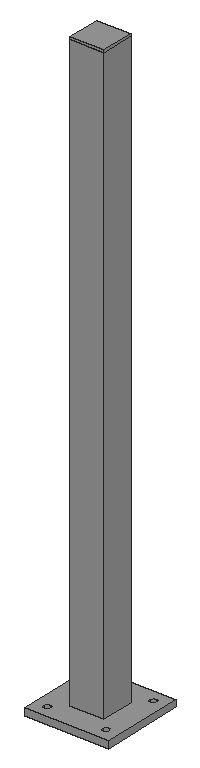
Revit family "Palmshield-Achilles-Louver-Post", category Specialty Equipment, Revit 2025
Family settings
  Round Connector Dimension = Use Diameter
  Part Type = Normal
  OmniClass Number = 23.55.00.00
  OmniClass Title = Manufactured Structures
  Work Plane-Based = No
  Enable Cutting in Views = No
  Always vertical = No
  Cut with Voids When Loaded = No
  Maintain Annotation Orientation = No
  Shared = No
  Room Calculation Point = No
Parameters (values of type "Assembly")
  Warranty URL = "https://palmshieldlouvers.com/wp-content/uploads/2020/01/PalmSHIELD-Warranty-NO-SIGN-LINE.pdf"
  Version = "2020 - v1.0a"  # constant formula
  URL = "https://palmshieldlouvers.com/"
  Product Page URL = "https://palmshieldlouvers.com/products/achilles-louver/"
  Product Documentation Link = "https://palmshieldlouvers.com/wp-content/uploads/2022/10/PalmSHIELD-Horizontal-Louvers-Technical-Data-Sheets-updated-100722.pdf"
  Model = "Achilles"  # constant formula
  Material = Metal - PalmSHIELD - Dusty Grey
  Manufacturer Phone Number = "531-329-4406 "  # constant formula
  Manufacturer Email = "mailto: info@palmshieldlouvers.com"
  Manufacturer Address = "12330 Cary Circle, La Vista, NE 68128"  # constant formula
  Manufacturer = "PalmSHIELD"  # constant formula
  Keynote = "05 10 00"
  Instruction Sheet Link = "https://palmshieldlouvers.com/wp-content/uploads/2020/01/PalmSHIELD-Post-Panel-Gate-Installation-Instructions-REV-1.pdf"
  ID [instance] = "Not Assigned"
  Height [instance] = if(Desired Overall Height < C Min Height, C Min Height, if(Desired Overall Height > C Max Height, C Max Height, Desired Overall Height))  # 6' - 0"
  Desired Overall Height [instance] = 6' - 0"
  Description = "Achilles - Square Post"  # constant formula
  Default Elevation = 0' - 0"
  Copyright = "Copyright ©2024 The American Fence Company and PalmSHIELD. All Rights Reserved."  # constant formula
  Component Vis [instance] = yes
  Component Name [instance] = "Achilles - Square Post"  # constant formula
  C Post Width = 0' - 4"  # constant formula
  C Min Height [instance] = 3' - 4"  # constant formula
  C Max Height [instance] = 8' - 0"  # constant formula
  Assembly Code = "F1020100"
Reference planes (in)
  plane 1 "Center (Front/Back)": y = 0
  plane 2: z = 0
  plane 3 "Center (Left/Right)": x = 0
  plane 4: z = 72
  plane 5: y = 2
  plane 6: y = -2
  plane 7: x = 2
  plane 8: x = -2
Lines and regions (in)
  reference lines
    curve 1: line (-24.29961, 0, 72) -> (24.70039, 0, 72)
Dimensions and locks (in)
  "Desired Overall Height": curve 1 to plane 2
  "Height": plane 4 to plane 2
  equal spacing: plane 8, plane 3 "Center (Left/Right)", plane 7
  equal spacing: plane 5, plane 1 "Center (Front/Back)", plane 6
  "C Post Width": plane 5 to plane 6
  "C Post Width": plane 8 to plane 7
  aligned and locked: plane 2 to level
Automatic sketch dimensions
  curve 1 to plane 8 = 1' - 10.29961"
  curve 1 to plane 7 = 1' - 10.70039"
Nested families (in)
  nested 1: "Screening-Louver-Assembly-Post-Palmshield-Achilles" at (0, 0, 0), Desired Overall Height <- "Desired Overall Height", Overall Height <- "Height", ID <- "ID", Component Vis <- "Component Vis", type "Assembly"
    with Overall Height 6' - 0", ID "Not Assigned", Desired Overall Height 6' - 0", Component Vis yes, Component Name "Achilles - Post Assembly"
  nested 2: "Nested-Base_Plate-Palmshield-Achilles" at (0, 0, 0), type "10" x 10" x 3/4""
    with Material Metal - PalmSHIELD - Dusty Grey, ID "Not Assigned", Component Name "Achilles - Aluminum - Base Plate"
  nested 3: "Nested-Square_Post-Palmshield-Achilles" at (0, 0, 0.75), type "4" X 4" X 1/4" SQ. TUBE"
    with Material Metal - PalmSHIELD - Dusty Grey, Length 5' - 11", ID "Not Assigned", Component Name "Achilles - Aluminum - Square Post"
  nested 4: "Nested-Top_Cap-Palmshield-Achilles" at (0, 0, 71.75), type "4" x 4" x 1/4""
    with Material Metal - PalmSHIELD - Dusty Grey, ID "Not Assigned", Component Name "Achilles - Aluminum - Square Top Cap"
Definition of nested family "Nested-Base_Plate-Palmshield-Achilles"
  Parameters (values of type "10" x 10" x 3/4"")
    Width = 0' - 10"  # constant formula
    Warranty URL = "https://palmshieldlouvers.com/wp-content/uploads/2020/01/PalmSHIELD-Warranty-NO-SIGN-LINE.pdf"
    Version = "2020 - v1.0a"  # constant formula
    URL = "https://palmshieldlouvers.com/"
    Thickness = 0' - 0 3/4"  # constant formula
    Product Page URL = "https://palmshieldlouvers.com/products/achilles-louver/"
    Product Documentation Link = "https://palmshieldlouvers.com/wp-content/uploads/2022/10/PalmSHIELD-Horizontal-Louvers-Technical-Data-Sheets-updated-100722.pdf"
    Model = "Achilles"  # constant formula
    Material [instance] = none
    Manufacturer Phone Number = "531-329-4406 "  # constant formula
    Manufacturer Fax Number = "Consult Manufacturer Website for More Information"  # constant formula
    Manufacturer Email = "mailto: info@palmshieldlouvers.com"
    Manufacturer Address = "12330 Cary Circle, La Vista, NE 68128"  # constant formula
    Manufacturer = "PalmSHIELD"  # constant formula
    Keynote = "05 10 00"
    Instruction Sheet Link = "https://palmshieldlouvers.com/wp-content/uploads/2020/01/PalmSHIELD-Post-Panel-Gate-Installation-Instructions-REV-1.pdf"
    ID [instance] = ""
    Hole Diameter = 0' - 0 3/4"  # constant formula
    Description = "Achilles - Base Plate"  # constant formula
    Default Elevation = 4' - 0"
    Copyright = "Copyright ©2024 The American Fence Company and PalmSHIELD. All Rights Reserved."  # constant formula
    Component Name [instance] = "Achilles - Aluminum - Base Plate"  # constant formula
    C Hole Offset = 0' - 1 1/2"  # constant formula
    Assembly Code = "F1020100"
  Reference planes (in)
    plane 1 "Center (Front/Back)": y = 0
    plane 2: z = 0
    plane 3 "Center (Left/Right)": x = 0
    plane 4: y = 5
    plane 5: x = 5
    plane 6: y = -5
    plane 7: x = -5
    plane 8: z = 0.75
  Forms (in)
    Extrusion 1, solid
      sketch origin (0, 0, 0) x (1, 0, 0) y (0, 1, 0)
        loop
          line (-48, 48) -> (-48, -48) -> (48, -48) -> (48, 48) -> (-48, 48)
      from 0 to -12
    Extrusion 2, solid, material <- "Material"
      sketch origin (0, 0, 0) x (1, 0, 0) y (0, 1, 0)
        loop
          line (-5, 5) -> (-5, -5) -> (5, -5) -> (5, 5) -> (-5, 5)
        loop
          circle (-3.5, 3.5) r 0.375
        loop
          circle (3.5, 3.5) r 0.375
        loop
          circle (-3.5, -3.5) r 0.375
        loop
          circle (3.5, -3.5) r 0.375
      from 0 to 0.75
  Dimensions and locks (in)
    equal spacing: plane 7, plane 3 "Center (Left/Right)", plane 5
    equal spacing: plane 4, plane 1 "Center (Front/Back)", plane 6
    "Width": plane 7 to plane 5
    "Width": plane 4 to plane 6
    "C Hole Offset": plane 7 to Extrusion 2 sketch curve  (x2)
    "C Hole Offset": Extrusion 2 sketch curve to plane 5  (x2)
    "C Hole Offset": plane 4 to Extrusion 2 sketch curve  (x2)
    "C Hole Offset": plane 6 to Extrusion 2 sketch curve  (x2)
    "Thickness": plane 8 to plane 2
    "Hole Diameter": diameter of Extrusion 2 sketch curve  (x4)
    aligned and locked: plane 2 to Extrusion 1
    aligned and locked: level to Extrusion 1
    aligned and locked: Extrusion 2 sketch curve to plane 4
    aligned and locked: plane 7 to Extrusion 2 sketch curve
    aligned and locked: Extrusion 2 sketch curve to plane 6
    aligned and locked: Extrusion 2 sketch curve to plane 5
    aligned and locked: plane 8 to Extrusion 2
  Automatic sketch dimensions
    Extrusion 1 sketch curve to Extrusion 1 sketch curve = 8' - 0"  (x2)
Definition of nested family "Nested-Square_Post-Palmshield-Achilles"
  Parameters (values of type "4" X 4" X 1/4" SQ. TUBE")
    Width = 0' - 4"  # constant formula
    Warranty URL = "https://palmshieldlouvers.com/wp-content/uploads/2020/01/PalmSHIELD-Warranty-NO-SIGN-LINE.pdf"
    Version = "2020 - v1.0a"  # constant formula
    URL = "https://palmshieldlouvers.com/"
    Thickness = 0' - 0 1/4"  # constant formula
    Product Page URL = "https://palmshieldlouvers.com/products/achilles-louver/"
    Product Documentation Link = "https://palmshieldlouvers.com/wp-content/uploads/2022/10/PalmSHIELD-Horizontal-Louvers-Technical-Data-Sheets-updated-100722.pdf"
    Model = "Achilles"  # constant formula
    Material [instance] = none
    Manufacturer Phone Number = "531-329-4406 "  # constant formula
    Manufacturer Fax Number = "Consult Manufacturer Website for More Information"  # constant formula
    Manufacturer Email = "mailto: info@palmshieldlouvers.com"
    Manufacturer Address = "12330 Cary Circle, La Vista, NE 68128"  # constant formula
    Manufacturer = "PalmSHIELD"  # constant formula
    Length [instance] = 4' - 4.86713"
    Keynote = "05 10 00"
    Instruction Sheet Link = "https://palmshieldlouvers.com/wp-content/uploads/2020/01/PalmSHIELD-Post-Panel-Gate-Installation-Instructions-REV-1.pdf"
    ID [instance] = ""
    Description = "Achilles - Post"  # constant formula
    Default Elevation = 4' - 0"
    Copyright = "Copyright ©2024 The American Fence Company and PalmSHIELD. All Rights Reserved."  # constant formula
    Component Name [instance] = "Achilles - Aluminum - Square Post"  # constant formula
    Assembly Code = "F1020100"
  Reference planes (in)
    plane 1 "Center (Front/Back)": y = 0
    plane 2: z = 0
    plane 3 "Center (Left/Right)": x = 0
    plane 4: z = 52.86713
    plane 5: x = 2
    plane 6: x = -2
  Forms (in)
    Extrusion 1, solid
      sketch origin (0, 0, 0) x (1, 0, 0) y (0, 1, 0)
        loop
          line (-48, 48) -> (-48, -48) -> (48, -48) -> (48, 48) -> (-48, 48)
      from 0 to -12
    Sweep 2, solid, material <- "Material"
      path origin (0, 0, 0) x (0, 1, 0) y (0, 0, 1)
        loop
          line (0, 0) -> (0, 52.86713)
      profile "Profile-Palmshield-Square : 4" X 4" X 1/4" SQ. TUBE" origin (0, 0, 26.43357) x (0, -1, 0) y (1, 0, 0)
        loop
          line (1.75, 1.75) -> (-1.75, 1.75) -> (-1.75, -1.75) -> (1.75, -1.75) -> (1.75, 1.75)
        loop
          line (-2, -2) -> (2, -2) -> (2, 2) -> (-2, 2) -> (-2, -2)
  Dimensions and locks (in)
    "Length": plane 4 to plane 2
    equal spacing: plane 5, plane 3 "Center (Left/Right)", plane 6
    "Width": plane 5 to plane 6
    aligned and locked: plane 2 to Extrusion 1
    aligned and locked: level to Extrusion 1
    aligned and locked: plane 1 "Center (Front/Back)" to Sweep 2 sketch curve
    aligned and locked: plane 4 to Sweep 2 sketch curve
  Automatic sketch dimensions
    Extrusion 1 sketch curve to Extrusion 1 sketch curve = 8' - 0"  (x2)
    Sweep 2 sketch curve to level = 0' - 0"
Definition of nested family "Nested-Top_Cap-Palmshield-Achilles"
  Parameters (values of type "4" x 4" x 1/4"")
    Width = 0' - 4"  # constant formula
    Warranty URL = "https://palmshieldlouvers.com/wp-content/uploads/2020/01/PalmSHIELD-Warranty-NO-SIGN-LINE.pdf"
    Version = "2020 - v1.0a"  # constant formula
    URL = "https://palmshieldlouvers.com/"
    Thickness = 0' - 0 1/4"  # constant formula
    Product Page URL = "https://palmshieldlouvers.com/products/achilles-louver/"
    Product Documentation Link = "https://palmshieldlouvers.com/wp-content/uploads/2022/10/PalmSHIELD-Horizontal-Louvers-Technical-Data-Sheets-updated-100722.pdf"
    Model = "Achilles"  # constant formula
    Material [instance] = none
    Manufacturer Phone Number = "531-329-4406 "  # constant formula
    Manufacturer Fax Number = "Consult Manufacturer Website for More Information"  # constant formula
    Manufacturer Email = "mailto: info@palmshieldlouvers.com"
    Manufacturer Address = "12330 Cary Circle, La Vista, NE 68128"  # constant formula
    Manufacturer = "PalmSHIELD"  # constant formula
    Keynote = "05 10 00"
    Instruction Sheet Link = "https://palmshieldlouvers.com/wp-content/uploads/2020/01/PalmSHIELD-Post-Panel-Gate-Installation-Instructions-REV-1.pdf"
    ID [instance] = ""
    Description = "Achilles - Top Cap"  # constant formula
    Default Elevation = 4' - 0"
    Copyright = "Copyright ©2024 The American Fence Company and PalmSHIELD. All Rights Reserved."  # constant formula
    Component Name [instance] = "Achilles - Aluminum - Square Top Cap"  # constant formula
    Assembly Code = "F1020100"
  Reference planes (in)
    plane 1 "Center (Front/Back)": y = 0
    plane 2: z = 0
    plane 3 "Center (Left/Right)": x = 0
    plane 4: y = 2
    plane 5: x = 2
    plane 6: y = -2
    plane 7: x = -2
    plane 8: z = 0.25
  Forms (in)
    Extrusion 1, solid
      sketch origin (0, 0, 0) x (1, 0, 0) y (0, 1, 0)
        loop
          line (-48, 48) -> (-48, -48) -> (48, -48) -> (48, 48) -> (-48, 48)
      from 0 to -12
    Extrusion 2, solid, material <- "Material"
      sketch origin (0, 0, 0) x (1, 0, 0) y (0, 1, 0)
        loop
          line (-2, 2) -> (-2, -2) -> (2, -2) -> (2, 2) -> (-2, 2)
      from 0 to 0.25
  Dimensions and locks (in)
    equal spacing: plane 7, plane 3 "Center (Left/Right)", plane 5
    equal spacing: plane 4, plane 1 "Center (Front/Back)", plane 6
    "Width": plane 7 to plane 5
    "Width": plane 4 to plane 6
    "Thickness": plane 8 to plane 2
    aligned and locked: plane 2 to Extrusion 1
    aligned and locked: level to Extrusion 1
    aligned and locked: Extrusion 2 sketch curve to plane 4
    aligned and locked: plane 7 to Extrusion 2 sketch curve
    aligned and locked: Extrusion 2 sketch curve to plane 6
    aligned and locked: Extrusion 2 sketch curve to plane 5
    aligned and locked: plane 8 to Extrusion 2
  Automatic sketch dimensions
    Extrusion 1 sketch curve to Extrusion 1 sketch curve = 8' - 0"  (x2)
Definition of nested family "Screening-Louver-Assembly-Post-Palmshield-Achilles"
  Parameters (values of type "Default")
    Width = 0' - 4"  # constant formula
    Warranty URL = "https://palmshieldlouvers.com/wp-content/uploads/2020/01/PalmSHIELD-Warranty-NO-SIGN-LINE.pdf"
    Version = "2020 - v1.0a"  # constant formula
    URL = "https://palmshieldlouvers.com/"
    Top Cap Thickness = 0' - 0 1/4"  # constant formula
    Product Page URL = "https://palmshieldlouvers.com/products/achilles-louver/"
    Product Documentation Link = "https://palmshieldlouvers.com/wp-content/uploads/2022/10/PalmSHIELD-Horizontal-Louvers-Technical-Data-Sheets-updated-100722.pdf"
    Overall Height [instance] = if(Desired Overall Height < 3' 0", 3' 0", if(Desired Overall Height > 12' 0", 12' 0", Desired Overall Height))  # 6' - 0"
    Model = "Achilles - Post Assembly"  # constant formula
    Material = none
    Manufacturer Phone Number = "531-329-4406 "  # constant formula
    Manufacturer Fax Number = "Consult Manufacturer Website for More Information"  # constant formula
    Manufacturer Email = "mailto: info@palmshieldlouvers.com"
    Manufacturer Address = "12330 Cary Circle, La Vista, NE 68128"  # constant formula
    Manufacturer = "PalmSHIELD"  # constant formula
    Keynote = "05 10 00"
    Instruction Sheet Link = "https://palmshieldlouvers.com/wp-content/uploads/2020/01/PalmSHIELD-Post-Panel-Gate-Installation-Instructions-REV-1.pdf"
    ID [instance] = "Not Assigned"
    Gusset Side Offset = 0' - 0 1/2"  # constant formula
    Desired Overall Height [instance] = 6' - 0"
    Description = "Achilles - Post Assembly"  # constant formula
    Default Elevation = 4' - 0"
    Copyright = "Copyright ©2024 The American Fence Company and PalmSHIELD. All Rights Reserved."  # constant formula
    Component Vis [instance] = yes
    Component Name [instance] = "Achilles - Post Assembly"  # constant formula
    C Panel Offset from Ground = 0' - 2"  # constant formula
    Base Plate Thickness = 0' - 0 3/4"  # constant formula
    Assembly Code = "F1020100"
  Reference planes (in)
    plane 1 "Center (Front/Back)": y = 0
    plane 2: z = 0
    plane 3 "Center (Left/Right)": x = 0
    plane 4: x = 2
    plane 5: x = -2
    plane 6: z = 72
    plane 7: z = 71.75
    plane 8: z = 2
  Forms (in)
    Extrusion 1, solid
      sketch origin (0, 0, 0) x (1, 0, 0) y (0, 1, 0)
        loop
          line (-48, 48) -> (-48, -48) -> (48, -48) -> (48, 48) -> (-48, 48)
      from 0 to -12
  Lines and regions (in)
    reference lines
      curve 1: line (-64.16684, 0, 72) -> (79.83316, 0, 72)
  Dimensions and locks (in)
    equal spacing: plane 4, plane 3 "Center (Left/Right)", plane 5
    "Width": plane 4 to plane 5
    "Top Cap Thickness": plane 6 to plane 7
    "C Panel Offset from Ground": plane 8 to plane 2
    "Desired Overall Height": curve 1 to plane 2
    "Overall Height": plane 6 to plane 2
    aligned and locked: plane 2 to Extrusion 1
    aligned and locked: level to Extrusion 1
    aligned and locked: plane 3 "Center (Left/Right)" to nested 1
    aligned and locked: plane 1 "Center (Front/Back)" to nested 1
    aligned and locked: plane 7 to nested 2
    aligned and locked: nested 2 to nested 3
    aligned and locked: plane 1 "Center (Front/Back)" to nested 3
  Automatic sketch dimensions
    Extrusion 1 sketch curve to Extrusion 1 sketch curve = 8' - 0"  (x2)
    curve 1 to plane 5 = 5' - 2.16684"
    plane 4 to curve 1 = 6' - 5.83316"
  Nested families (in)
    nested 1: "Nested-Base_Plate-Palmshield-Achilles" at (0, 0, 0), ID <- "ID", Material <- "Material", visible <- "Component Vis", type "10" x 10" x 3/4""
      with Material none, ID "Not Assigned", Component Name "Achilles - Aluminum - Base Plate"
    nested 2: "Nested-Square_Post-Palmshield-Achilles" at (0, 0, 0.75), ID <- "ID", Material <- "Material", visible <- "Component Vis", type "4" X 4" X 1/4" SQ. TUBE"
      with Material none, Length 5' - 11", ID "Not Assigned", Component Name "Achilles - Aluminum - Square Post"
    nested 3: "Nested-Top_Cap-Palmshield-Achilles" at (0, 0, 71.75), ID <- "ID", Material <- "Material", visible <- "Component Vis", type "4" x 4" x 1/4""
      with Material none, ID "Not Assigned", Component Name "Achilles - Aluminum - Square Top Cap"
  Definition of nested family "Nested-Base_Plate-Palmshield-Achilles"
    Parameters (values of type "10" x 10" x 3/4"")
      Width = 0' - 10"  # constant formula
      Warranty URL = "https://palmshieldlouvers.com/wp-content/uploads/2020/01/PalmSHIELD-Warranty-NO-SIGN-LINE.pdf"
      Version = "2020 - v1.0a"  # constant formula
      URL = "https://palmshieldlouvers.com/"
      Thickness = 0' - 0 3/4"  # constant formula
      Product Page URL = "https://palmshieldlouvers.com/products/achilles-louver/"
      Product Documentation Link = "https://palmshieldlouvers.com/wp-content/uploads/2022/10/PalmSHIELD-Horizontal-Louvers-Technical-Data-Sheets-updated-100722.pdf"
      Model = "Achilles"  # constant formula
      Material [instance] = none
      Manufacturer Phone Number = "531-329-4406 "  # constant formula
      Manufacturer Fax Number = "Consult Manufacturer Website for More Information"  # constant formula
      Manufacturer Email = "mailto: info@palmshieldlouvers.com"
      Manufacturer Address = "12330 Cary Circle, La Vista, NE 68128"  # constant formula
      Manufacturer = "PalmSHIELD"  # constant formula
      Keynote = "05 10 00"
      Instruction Sheet Link = "https://palmshieldlouvers.com/wp-content/uploads/2020/01/PalmSHIELD-Post-Panel-Gate-Installation-Instructions-REV-1.pdf"
      ID [instance] = ""
      Hole Diameter = 0' - 0 3/4"  # constant formula
      Description = "Achilles - Base Plate"  # constant formula
      Default Elevation = 4' - 0"
      Copyright = "Copyright ©2024 The American Fence Company and PalmSHIELD. All Rights Reserved."  # constant formula
      Component Name [instance] = "Achilles - Aluminum - Base Plate"  # constant formula
      C Hole Offset = 0' - 1 1/2"  # constant formula
      Assembly Code = "F1020100"
    Reference planes (in)
      plane 1 "Center (Front/Back)": y = 0
      plane 2: z = 0
      plane 3 "Center (Left/Right)": x = 0
      plane 4: y = 5
      plane 5: x = 5
      plane 6: y = -5
      plane 7: x = -5
      plane 8: z = 0.75
    Forms (in)
      Extrusion 1, solid
        sketch origin (0, 0, 0) x (1, 0, 0) y (0, 1, 0)
          loop
            line (-48, 48) -> (-48, -48) -> (48, -48) -> (48, 48) -> (-48, 48)
        from 0 to -12
      Extrusion 2, solid, material <- "Material"
        sketch origin (0, 0, 0) x (1, 0, 0) y (0, 1, 0)
          loop
            line (-5, 5) -> (-5, -5) -> (5, -5) -> (5, 5) -> (-5, 5)
          loop
            circle (-3.5, 3.5) r 0.375
          loop
            circle (3.5, 3.5) r 0.375
          loop
            circle (-3.5, -3.5) r 0.375
          loop
            circle (3.5, -3.5) r 0.375
        from 0 to 0.75
    Dimensions and locks (in)
      equal spacing: plane 7, plane 3 "Center (Left/Right)", plane 5
      equal spacing: plane 4, plane 1 "Center (Front/Back)", plane 6
      "Width": plane 7 to plane 5
      "Width": plane 4 to plane 6
      "C Hole Offset": plane 7 to Extrusion 2 sketch curve  (x2)
      "C Hole Offset": Extrusion 2 sketch curve to plane 5  (x2)
      "C Hole Offset": plane 4 to Extrusion 2 sketch curve  (x2)
      "C Hole Offset": plane 6 to Extrusion 2 sketch curve  (x2)
      "Thickness": plane 8 to plane 2
      "Hole Diameter": diameter of Extrusion 2 sketch curve  (x4)
      aligned and locked: plane 2 to Extrusion 1
      aligned and locked: level to Extrusion 1
      aligned and locked: Extrusion 2 sketch curve to plane 4
      aligned and locked: plane 7 to Extrusion 2 sketch curve
      aligned and locked: Extrusion 2 sketch curve to plane 6
      aligned and locked: Extrusion 2 sketch curve to plane 5
      aligned and locked: plane 8 to Extrusion 2
    Automatic sketch dimensions
      Extrusion 1 sketch curve to Extrusion 1 sketch curve = 8' - 0"  (x2)
  Definition of nested family "Nested-Square_Post-Palmshield-Achilles"
    Parameters (values of type "4" X 4" X 1/4" SQ. TUBE")
      Width = 0' - 4"  # constant formula
      Warranty URL = "https://palmshieldlouvers.com/wp-content/uploads/2020/01/PalmSHIELD-Warranty-NO-SIGN-LINE.pdf"
      Version = "2020 - v1.0a"  # constant formula
      URL = "https://palmshieldlouvers.com/"
      Thickness = 0' - 0 1/4"  # constant formula
      Product Page URL = "https://palmshieldlouvers.com/products/achilles-louver/"
      Product Documentation Link = "https://palmshieldlouvers.com/wp-content/uploads/2022/10/PalmSHIELD-Horizontal-Louvers-Technical-Data-Sheets-updated-100722.pdf"
      Model = "Achilles"  # constant formula
      Material [instance] = none
      Manufacturer Phone Number = "531-329-4406 "  # constant formula
      Manufacturer Fax Number = "Consult Manufacturer Website for More Information"  # constant formula
      Manufacturer Email = "mailto: info@palmshieldlouvers.com"
      Manufacturer Address = "12330 Cary Circle, La Vista, NE 68128"  # constant formula
      Manufacturer = "PalmSHIELD"  # constant formula
      Length [instance] = 4' - 4.86713"
      Keynote = "05 10 00"
      Instruction Sheet Link = "https://palmshieldlouvers.com/wp-content/uploads/2020/01/PalmSHIELD-Post-Panel-Gate-Installation-Instructions-REV-1.pdf"
      ID [instance] = ""
      Description = "Achilles - Post"  # constant formula
      Default Elevation = 4' - 0"
      Copyright = "Copyright ©2024 The American Fence Company and PalmSHIELD. All Rights Reserved."  # constant formula
      Component Name [instance] = "Achilles - Aluminum - Square Post"  # constant formula
      Assembly Code = "F1020100"
    Reference planes (in)
      plane 1 "Center (Front/Back)": y = 0
      plane 2: z = 0
      plane 3 "Center (Left/Right)": x = 0
      plane 4: z = 52.86713
      plane 5: x = 2
      plane 6: x = -2
    Forms (in)
      Extrusion 1, solid
        sketch origin (0, 0, 0) x (1, 0, 0) y (0, 1, 0)
          loop
            line (-48, 48) -> (-48, -48) -> (48, -48) -> (48, 48) -> (-48, 48)
        from 0 to -12
      Sweep 2, solid, material <- "Material"
        path origin (0, 0, 0) x (0, 1, 0) y (0, 0, 1)
          loop
            line (0, 0) -> (0, 52.86713)
        profile "Profile-Palmshield-Square : 4" X 4" X 1/4" SQ. TUBE" origin (0, 0, 26.43357) x (0, -1, 0) y (1, 0, 0)
          loop
            line (1.75, 1.75) -> (-1.75, 1.75) -> (-1.75, -1.75) -> (1.75, -1.75) -> (1.75, 1.75)
          loop
            line (-2, -2) -> (2, -2) -> (2, 2) -> (-2, 2) -> (-2, -2)
    Dimensions and locks (in)
      "Length": plane 4 to plane 2
      equal spacing: plane 5, plane 3 "Center (Left/Right)", plane 6
      "Width": plane 5 to plane 6
      aligned and locked: plane 2 to Extrusion 1
      aligned and locked: level to Extrusion 1
      aligned and locked: plane 1 "Center (Front/Back)" to Sweep 2 sketch curve
      aligned and locked: plane 4 to Sweep 2 sketch curve
    Automatic sketch dimensions
      Extrusion 1 sketch curve to Extrusion 1 sketch curve = 8' - 0"  (x2)
      Sweep 2 sketch curve to level = 0' - 0"
  Definition of nested family "Nested-Top_Cap-Palmshield-Achilles"
    Parameters (values of type "4" x 4" x 1/4"")
      Width = 0' - 4"  # constant formula
      Warranty URL = "https://palmshieldlouvers.com/wp-content/uploads/2020/01/PalmSHIELD-Warranty-NO-SIGN-LINE.pdf"
      Version = "2020 - v1.0a"  # constant formula
      URL = "https://palmshieldlouvers.com/"
      Thickness = 0' - 0 1/4"  # constant formula
      Product Page URL = "https://palmshieldlouvers.com/products/achilles-louver/"
      Product Documentation Link = "https://palmshieldlouvers.com/wp-content/uploads/2022/10/PalmSHIELD-Horizontal-Louvers-Technical-Data-Sheets-updated-100722.pdf"
      Model = "Achilles"  # constant formula
      Material [instance] = none
      Manufacturer Phone Number = "531-329-4406 "  # constant formula
      Manufacturer Fax Number = "Consult Manufacturer Website for More Information"  # constant formula
      Manufacturer Email = "mailto: info@palmshieldlouvers.com"
      Manufacturer Address = "12330 Cary Circle, La Vista, NE 68128"  # constant formula
      Manufacturer = "PalmSHIELD"  # constant formula
      Keynote = "05 10 00"
      Instruction Sheet Link = "https://palmshieldlouvers.com/wp-content/uploads/2020/01/PalmSHIELD-Post-Panel-Gate-Installation-Instructions-REV-1.pdf"
      ID [instance] = ""
      Description = "Achilles - Top Cap"  # constant formula
      Default Elevation = 4' - 0"
      Copyright = "Copyright ©2024 The American Fence Company and PalmSHIELD. All Rights Reserved."  # constant formula
      Component Name [instance] = "Achilles - Aluminum - Square Top Cap"  # constant formula
      Assembly Code = "F1020100"
    Reference planes (in)
      plane 1 "Center (Front/Back)": y = 0
      plane 2: z = 0
      plane 3 "Center (Left/Right)": x = 0
      plane 4: y = 2
      plane 5: x = 2
      plane 6: y = -2
      plane 7: x = -2
      plane 8: z = 0.25
    Forms (in)
      Extrusion 1, solid
        sketch origin (0, 0, 0) x (1, 0, 0) y (0, 1, 0)
          loop
            line (-48, 48) -> (-48, -48) -> (48, -48) -> (48, 48) -> (-48, 48)
        from 0 to -12
      Extrusion 2, solid, material <- "Material"
        sketch origin (0, 0, 0) x (1, 0, 0) y (0, 1, 0)
          loop
            line (-2, 2) -> (-2, -2) -> (2, -2) -> (2, 2) -> (-2, 2)
        from 0 to 0.25
    Dimensions and locks (in)
      equal spacing: plane 7, plane 3 "Center (Left/Right)", plane 5
      equal spacing: plane 4, plane 1 "Center (Front/Back)", plane 6
      "Width": plane 7 to plane 5
      "Width": plane 4 to plane 6
      "Thickness": plane 8 to plane 2
      aligned and locked: plane 2 to Extrusion 1
      aligned and locked: level to Extrusion 1
      aligned and locked: Extrusion 2 sketch curve to plane 4
      aligned and locked: plane 7 to Extrusion 2 sketch curve
      aligned and locked: Extrusion 2 sketch curve to plane 6
      aligned and locked: Extrusion 2 sketch curve to plane 5
      aligned and locked: plane 8 to Extrusion 2
    Automatic sketch dimensions
      Extrusion 1 sketch curve to Extrusion 1 sketch curve = 8' - 0"  (x2)
